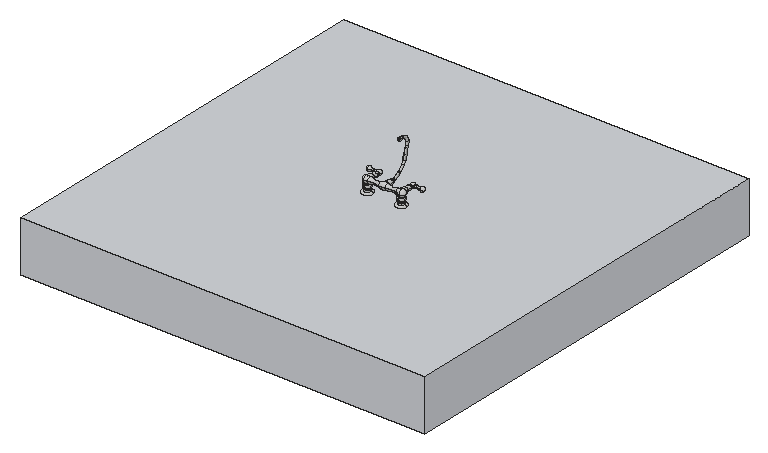
Revit family "Faucet-Two_Handle-American_Standard-Heritage-7298.152.002", category Plumbing Fixtures, host Face, Revit 2019
Family settings
  Host = Face
  Round Connector Dimension = Use Diameter
  Part Type = Normal
  OmniClass Number = 23.45.55.17
  OmniClass Title = Mixing Faucets
  Cut with Voids When Loaded = No
  Shared = Yes
  Room Calculation Point = No
Parameters (values of type "7298.152.002")
  Width = 10 5/8"
  Waste Connection = no
  Warranty Information URL = "https://www.americanstandard-us.com/parts-support/warranty/lifetime-limited-warranty-faucet-function-finish"
  WFU = 2  # constant formula
  Vent Connection = no
  URL = "https://www.americanstandard-us.com/"
  Type Comments = ""
  Solid Brass Construction = yes
  Revised Date = "09/09/2021"  # constant formula
  Product Page URL = "https://www.americanstandard-us.com/Mechanical-Commercial-Fittings/Heritage-Wall-Mount-Faucet-With-8-Inch-Tubular-Brass-Swivel-Spout-With-Lever-Handles/CHROME-7298152002"
  Product Documentation Link = "https://americanstandard.box.com/shared/static/8b5v51clhhwaec9nyirbtr87oqbn31ex.pdf"
  Price = "Prices may vary. Please consult Manufacturer Representative for most up-to-date price list."  # constant formula
  Model = "7298.152"
  Material = "Brass-American_Standard-002-Polished Chrome"
  Manufacturer = "American Standard"
  Low Lead = yes
  Length = 13 5/8"
  Installation Type = "Wall Mounted"
  Hot Water Connection Diameter = 1/2"  # constant formula
  HWFU = 1.5  # constant formula
  HW Connection = yes
  Flow Rate = "1.5gpm/5.7L/min"  # constant formula
  Finish = Brass-American_Standard-002-Polished Chrome
  Description = "Heritage Two Handle Wall Mount Sink Faucet with Brass Spout"
  Default Elevation = 0"
  Creation Date = "03/30/2021"  # constant formula
  Cold Water Connection Diameter = 1/2"  # constant formula
  Ceramic Disc Valve Cartridges = yes
  CWFU = 1.5  # constant formula
  CW Connection = yes
  Assembly Code = "D2020300"
  ASME A112.18.1/CSA B125.1 = yes
  ADA Compliant = yes
Reference planes (in)
  plane 1 "Center (Front/Back)": y = 0
  plane 2: z = 0.125
  plane 3 "Center (Left/Right)": x = 0
  plane 4: x = 4
  plane 5: x = -4
  plane 6: y = 1.3125
  plane 7: y = 3.4375
  plane 8: z = 2.75
  plane 9: x = -6.8125
  plane 10: x = -6.8125
  plane 11: x = 6.8125
  plane 12: y = 7
  plane 13: x = 6.8125
  plane 14: z = 10.75
  plane 15: y = 6.75
  plane 16: y = 4.375
  plane 17: z = 10.75
Forms (in)
  Extrusion 1, solid
    sketch origin (0, 0, 0) x (1, 0, 0) y (0, 1, 0)
      loop
        line (-48, 48) -> (-48, -48) -> (48, -48) -> (48, 48) -> (-48, 48)
    from 0.125 to -12
  Revolve 2, solid, material "Brass-American_Standard-002-Polished Chrome" <- "Finish"
    sketch origin (0, 0, 0) x (1, 0, 0) y (0, 0, 1)
      loop
        line (-4, 2.75) -> (-4.59615, 2.75) -> (-4.59615, 1.99197) -> (-4.69181, 1.99197) -> (-4.8165, 1.86728) -> (-4.8165, 1.36728) -> (-4.69181, 1.24258) -> (-4.51862, 1.24258) -> (-4.51862, 0.89621) -> (-4.62946, 0.89621) -> (-4.62946, 0.72995) -> (-4.69181, 0.72995) -> (-4.69181, 0.39468) -> (-4.85532, 0.39468)
        arc (-4.85532, 0.39468) -> (-5.1344, 0.27908) -> (-5.25, 0) r 0.39468
        line (-5.25, 0) -> (-4, 0) -> (-4, 2.75)
      axis (-4, 2.75) -> (-4, 0)
    angle from 0 to 360
  Revolve 3, solid, material "Brass-American_Standard-002-Polished Chrome" <- "Finish"
    sketch origin (8, 0, 0) x (1, 0, 0) y (0, 0, 1)
      loop
        line (-4, 2.75) -> (-4.59615, 2.75) -> (-4.59615, 1.99197) -> (-4.69181, 1.99197) -> (-4.8165, 1.86728) -> (-4.8165, 1.36728) -> (-4.69181, 1.24258) -> (-4.51862, 1.24258) -> (-4.51862, 0.89621) -> (-4.62946, 0.89621) -> (-4.62946, 0.72995) -> (-4.69181, 0.72995) -> (-4.69181, 0.39468) -> (-4.85532, 0.39468)
        arc (-4.85532, 0.39468) -> (-5.1344, 0.27908) -> (-5.25, 0) r 0.39468
        line (-5.25, 0) -> (-4, 0) -> (-4, 2.75)
      axis (-4, 2.75) -> (-4, 0)
    angle from 0 to 360
  Revolve 4, solid, material "Brass-American_Standard-002-Polished Chrome" <- "Finish"
    sketch origin (0, 10.96339, 2.75) x (0, 1, 0) y (-1, 0, 0)
      loop
        line (-10.96339, -4.99664) -> (-10.96339, 4.99664)
        arc (-10.96339, 4.99664) -> (-11.51344, 4.7688) -> (-11.74127, 4.21875) r 0.77789
        arc (-11.74127, 4.21875) -> (-11.70281, 3.80339) -> (-11.58873, 3.40216) r 2.26189
        arc (-11.58873, 3.40216) -> (-11.33267, 2.08885) -> (-11.54723, 0.76813) r 3.80374
        arc (-11.54723, 0.76813) -> (-11.67823, 0) -> (-11.54723, -0.76813) r 2.31738
        arc (-11.54723, -0.76813) -> (-11.33267, -2.08885) -> (-11.58873, -3.40216) r 3.80374
        arc (-11.58873, -3.40216) -> (-11.70281, -3.80339) -> (-11.74127, -4.21875) r 2.26189
        arc (-11.74127, -4.21875) -> (-11.51344, -4.7688) -> (-10.96339, -4.99664) r 0.77789
      axis (-10.96339, -4.99664) -> (-10.96339, 4.99664)
    angle from 0 to 360
  Revolve 5, solid, material "Brass-American_Standard-002-Polished Chrome" <- "Finish"
    sketch origin (0, 10.96339, 2.75) x (0, 1, 0) y (-1, 0, 0)
      loop
        line (-7.52589, 6.8125) -> (-7.52589, 4.49042)
        arc (-7.52589, 4.49042) -> (-7.28699, 4.52187) -> (-7.25554, 4.76077) r 0.19791
        arc (-7.25554, 4.76077) -> (-7.31072, 4.894) -> (-7.32955, 5.03697) r 0.5524
        arc (-7.32955, 5.03697) -> (-7.25842, 5.66765) -> (-7.04863, 6.26666) r 2.8319
        arc (-7.04863, 6.26666) -> (-7.16336, 6.64791) -> (-7.52589, 6.8125) r 0.48157
      axis (-7.52589, 6.8125) -> (-7.52589, 4.49042)
    angle from 0 to 360
  Revolve 6, solid, material "Brass-American_Standard-002-Polished Chrome" <- "Finish"
    sketch origin (8, 10.96339, 2.75) x (0, 1, 0) y (-1, 0, 0)
      loop
        line (-10.96339, 4) -> (-7.01935, 4)
        arc (-7.01935, 4) -> (-7.37062, 4.47777) -> (-7.92169, 4.25874) r 0.48512
        line (-7.92169, 4.25874) -> (-8.03493, 4.25874)
        arc (-8.03493, 4.25874) -> (-8.30207, 4.46163) -> (-8.63713, 4.47792) r 0.56666
        arc (-8.63713, 4.47792) -> (-9.20888, 4.43075) -> (-9.76376, 4.57649) r 1.69956
        arc (-9.76376, 4.57649) -> (-10.35622, 4.72584) -> (-10.96339, 4.6575) r 1.71102
        line (-10.96339, 4.6575) -> (-10.96339, 4)
      axis (-10.96339, 4) -> (-7.01935, 4)
    angle from 0 to 360
  Revolve 7, solid, material "Brass-American_Standard-002-Polished Chrome" <- "Finish"
    sketch origin (0, 10.96339, 2.75) x (0, 1, 0) y (-1, 0, 0)
      loop
        arc (-7.52589, -6.8125) -> (-7.16336, -6.64791) -> (-7.04863, -6.26666) r 0.48157
        arc (-7.04863, -6.26666) -> (-7.25842, -5.66765) -> (-7.32955, -5.03697) r 2.8319
        arc (-7.32955, -5.03697) -> (-7.31072, -4.894) -> (-7.25554, -4.76077) r 0.5524
        arc (-7.25554, -4.76077) -> (-7.28699, -4.52187) -> (-7.52589, -4.49042) r 0.19791
        line (-7.52589, -4.49042) -> (-7.52589, -6.8125)
      axis (-7.52589, -6.8125) -> (-7.52589, -4.49042)
    angle from 0 to 360
  Revolve 8, solid, material "Brass-American_Standard-002-Polished Chrome" <- "Finish"
    sketch origin (-8, 10.96339, 2.75) x (0, 1, 0) y (-1, 0, 0)
      loop
        line (-10.96339, -4) -> (-10.96339, -4.6575)
        arc (-10.96339, -4.6575) -> (-10.35622, -4.72584) -> (-9.76376, -4.57649) r 1.71102
        arc (-9.76376, -4.57649) -> (-9.20888, -4.43075) -> (-8.63713, -4.47792) r 1.69956
        arc (-8.63713, -4.47792) -> (-8.30207, -4.46163) -> (-8.03493, -4.25874) r 0.56666
        line (-8.03493, -4.25874) -> (-7.92169, -4.25874)
        arc (-7.92169, -4.25874) -> (-7.37062, -4.47777) -> (-7.01935, -4) r 0.48512
        line (-7.01935, -4) -> (-10.96339, -4)
      axis (-10.96339, -4) -> (-7.01935, -4)
    angle from 0 to 360
  Sweep 9, solid, material "Brass-American_Standard-002-Polished Chrome" <- "Finish"
    path origin (0, 0, 0) x (0, 1, 0) y (0, 0, 1)
      loop
        line (1.95989, 2.75) -> (2.83279, 2.75) -> (4.20803, 3.59877)
        arc (4.20803, 3.59877) -> (4.36792, 3.71078) -> (4.51374, 3.84057) r 1.68068
        line (4.51374, 3.84057) -> (5.4605, 4.78732)
        arc (5.4605, 4.78732) -> (5.48446, 4.81247) -> (5.50718, 4.83875) r 0.71799
        arc (5.50718, 4.83875) -> (5.81339, 5.29397) -> (6.02662, 5.79945) r 2.84766
        arc (6.02662, 5.79945) -> (6.40902, 7.19251) -> (6.69358, 8.60879) r 20.75383
        arc (6.69358, 8.60879) -> (6.73849, 9.04826) -> (6.72901, 9.48992) r 3.5854
        arc (6.72901, 9.48992) -> (6.72345, 9.53731) -> (6.71469, 9.5842) r 0.70606
        arc (6.71469, 9.5842) -> (6.19331, 10.42251) -> (5.26199, 10.75) r 1.48801
        line (5.26199, 10.75) -> (4.375, 10.75)
    profile origin (0, 2.39634, 2.75) x (0, 0, 1) y (1, 0, 0)
      loop
        circle (0, 0) r 0.25
  Revolve 10, solid, material "Brass-American_Standard-002-Polished Chrome" <- "Finish"
    sketch origin (0, 10.96339, 2.75) x (0, 1, 0) y (-1, 0, 0)
      loop
        line (-10.68214, 0) -> (-10.68214, -0.57106)
        arc (-10.68214, -0.57106) -> (-10.36882, -0.5382) -> (-10.05413, -0.52357) r 5.42692
        line (-10.05413, -0.52357) -> (-10.05413, -0.57983) -> (-9.0035, -0.43218) -> (-9.0035, 0) -> (-10.68214, 0)
      loop
        line (-8.48911, 0) -> (-8.99348, 0) -> (-8.99348, -0.43077) -> (-8.60641, -0.39057)
        arc (-8.60641, -0.39057) -> (-8.52304, -0.35144) -> (-8.48911, -0.26581) r 0.125
        line (-8.48911, -0.26581) -> (-8.48911, 0)
      axis (-8.48911, 0) -> (-10.68214, 0)
    angle from 0 to 360
  Revolve 11, solid, material "Brass-American_Standard-002-Polished Chrome" <- "Finish"
    sketch origin (0, 0, 0) x (0, 1, 0) y (0, 0, 1)
      loop
        line (4.375, 10.92452) -> (5.09898, 10.92452)
        arc (5.09898, 10.92452) -> (5.05526, 11.03798) -> (4.9433, 11.08544) r 0.15577
        line (4.9433, 11.08544) -> (4.375, 11.08544) -> (4.375, 10.92452)
      axis (4.375, 10.75) -> (5.09898, 10.75)
    angle from 0 to 360
Lines and regions (in)
  Masking region 1
    outline origin (0, 0, 0) x (1, 0, 0) y (0, 0, 1)
      loop
        line (4.69181, 0.39468) -> (4.69181, 0.72995) -> (4.62946, 0.72995) -> (4.62946, 0.89621) -> (4.51862, 0.89621) -> (4.51862, 1.24258) -> (4.69181, 1.24258) -> (4.8165, 1.36728) -> (4.8165, 1.86728) -> (4.69181, 1.99197) -> (4.59615, 1.99197) -> (4.59615, 2.0698)
        arc (4.59615, 2.0698) -> (4.83134, 2.27153) -> (4.97018, 2.54854) r 0.78515
        arc (4.97018, 2.54854) -> (5.63486, 2.48791) -> (6.26666, 2.27274) r 2.81954
        arc (6.26666, 2.27274) -> (6.64649, 2.3891) -> (6.8125, 2.75) r 0.48581
        arc (6.8125, 2.75) -> (6.64649, 3.1109) -> (6.26666, 3.22726) r 0.48581
        arc (6.26666, 3.22726) -> (5.63486, 3.01209) -> (4.97018, 2.95146) r 2.81954
        arc (4.97018, 2.95146) -> (4.70622, 3.35569) -> (4.25566, 3.52906) r 0.78515
        arc (4.25566, 3.52906) -> (3.86911, 3.50928) -> (3.49538, 3.40864) r 1.83002
        arc (3.49538, 3.40864) -> (2.66715, 3.18083) -> (1.8101, 3.12304) r 4.27858
        arc (1.8101, 3.12304) -> (1.3117, 3.17941) -> (0.82848, 3.31385) r 3.16279
        arc (0.82848, 3.31385) -> (0.54276, 3.39868) -> (0.24873, 3.44743) r 2.39952
        line (0.24873, 3.44743) -> (0.24873, 10.52493)
        arc (0.24873, 10.52493) -> (0.00191, 11.08544) -> (-0.25127, 10.52777) r 0.33544
        line (-0.25127, 10.52777) -> (-0.25127, 3.44717)
        arc (-0.25127, 3.44717) -> (-0.54401, 3.39839) -> (-0.82848, 3.31385) r 2.39952
        arc (-0.82848, 3.31385) -> (-1.3117, 3.17941) -> (-1.8101, 3.12304) r 3.16279
        arc (-1.8101, 3.12304) -> (-2.66715, 3.18083) -> (-3.49538, 3.40864) r 4.27858
        arc (-3.49538, 3.40864) -> (-3.86911, 3.50928) -> (-4.25566, 3.52906) r 1.83002
        arc (-4.25566, 3.52906) -> (-4.70622, 3.35569) -> (-4.97018, 2.95146) r 0.78515
        arc (-4.97018, 2.95146) -> (-5.63486, 3.01209) -> (-6.26666, 3.22726) r 2.81954
        arc (-6.26666, 3.22726) -> (-6.64649, 3.1109) -> (-6.8125, 2.75) r 0.48581
        arc (-6.8125, 2.75) -> (-6.64649, 2.3891) -> (-6.26666, 2.27274) r 0.48581
        arc (-6.26666, 2.27274) -> (-5.63486, 2.48791) -> (-4.97018, 2.54854) r 2.81954
        arc (-4.97018, 2.54854) -> (-4.83134, 2.27153) -> (-4.59615, 2.0698) r 0.78515
        line (-4.59615, 2.0698) -> (-4.59615, 1.99197) -> (-4.69181, 1.99197) -> (-4.8165, 1.86728) -> (-4.8165, 1.36728) -> (-4.69181, 1.24258) -> (-4.51862, 1.24258) -> (-4.51862, 0.89621) -> (-4.62946, 0.89621) -> (-4.62946, 0.72995) -> (-4.69181, 0.72995) -> (-4.69181, 0.39468) -> (-4.85532, 0.39468)
        arc (-4.85532, 0.39468) -> (-5.1344, 0.27908) -> (-5.25, 0) r 0.39468
        line (-5.25, 0) -> (-2.75, 0)
        arc (-2.75, 0) -> (-2.8656, 0.27908) -> (-3.14468, 0.39468) r 0.39468
        line (-3.14468, 0.39468) -> (-3.30819, 0.39468) -> (-3.30819, 0.72995) -> (-3.37054, 0.72995) -> (-3.37054, 0.89621) -> (-3.48138, 0.89621) -> (-3.48138, 1.24258) -> (-3.30819, 1.24258) -> (-3.1835, 1.36728) -> (-3.1835, 1.86728) -> (-3.30819, 1.99197) -> (-3.40385, 1.99197) -> (-3.40385, 2.12556)
        arc (-3.40385, 2.12556) -> (-2.61893, 2.32706) -> (-1.8101, 2.37696) r 4.27858
        arc (-1.8101, 2.37696) -> (-1.3117, 2.32059) -> (-0.82848, 2.18615) r 3.16279
        arc (-0.82848, 2.18615) -> (-0.42069, 2.07652) -> (0, 2.04006) r 2.39952
        arc (0, 2.04006) -> (0.42069, 2.07652) -> (0.82848, 2.18615) r 2.39952
        arc (0.82848, 2.18615) -> (1.3117, 2.32059) -> (1.8101, 2.37696) r 3.16279
        arc (1.8101, 2.37696) -> (2.61893, 2.32706) -> (3.40385, 2.12556) r 4.27858
        line (3.40385, 2.12556) -> (3.40385, 1.99197) -> (3.30819, 1.99197) -> (3.1835, 1.86728) -> (3.1835, 1.36728) -> (3.30819, 1.24258) -> (3.48138, 1.24258) -> (3.48138, 0.89621) -> (3.37054, 0.89621) -> (3.37054, 0.72995) -> (3.30819, 0.72995) -> (3.30819, 0.39468) -> (3.14468, 0.39468)
        arc (3.14468, 0.39468) -> (2.8656, 0.27908) -> (2.75, 0) r 0.39468
        line (2.75, 0) -> (5.25, 0)
        arc (5.25, 0) -> (5.1344, 0.27908) -> (4.85532, 0.39468) r 0.39468
        line (4.85532, 0.39468) -> (4.69181, 0.39468)
  symbolic lines, detail levels medium+fine
    curve 1: circle (4, 0, 2.75) r 0.5 normal (0, -1, 0)
    curve 6: circle (-4, 0, 2.75) r 0.5 normal (0, 1, 0)
    curve 27: arc (-0.25127, 0, 10.74957) -> (-0.00085, 0, 11) -> (0.24958, 0, 10.74957) r 0.25042
    curve 28: line (0.24958, 0, 10.52587) -> (0.24958, 0, 10.74957)
    curve 29: line (-0.25127, 0, 10.74957) -> (-0.25127, 0, 10.52777)
    curve 33: arc (-0.25127, 0, 3.27256) -> (0.00141, 0, 2.17017) -> (0.24873, 0, 3.27377) r 0.57983
  symbolic lines, style "PlumbingFixtures", detail levels medium+fine
    curve 2: arc (4.97005, 0, 2.95051) -> (4.8623, 0, 2.97495) -> (4.76158, 0, 3.02035) r 0.5524
    curve 3: arc (4.76158, 0, 3.02035) -> (4.58627, 0, 3.03154) -> (4.47111, 0, 2.89888) r 0.19791
    curve 4: arc (4.96074, 0, 2.54826) -> (4.85786, 0, 2.52354) -> (4.76158, 0, 2.47965) r 0.5524
    curve 5: arc (4.76158, 0, 2.47965) -> (4.58659, 0, 2.46832) -> (4.47129, 0, 2.60045) r 0.19791
    curve 7: arc (-4.97005, 0, 2.95051) -> (-4.8623, 0, 2.97495) -> (-4.76158, 0, 3.02035) r 0.5524
    curve 8: arc (-4.76158, 0, 3.02035) -> (-4.58627, 0, 3.03154) -> (-4.47111, 0, 2.89888) r 0.19791
    curve 9: arc (-4.96074, 0, 2.54826) -> (-4.85786, 0, 2.52354) -> (-4.76158, 0, 2.47965) r 0.5524
    curve 10: arc (-4.76158, 0, 2.47965) -> (-4.58659, 0, 2.46832) -> (-4.47129, 0, 2.60045) r 0.19791
  symbolic lines, detail levels fine
    curve 11: arc (4.67278, 0, 3.0466) -> (3.26474, 0, 2.75) -> (4.67278, 0, 2.4534) r 0.73526
    curve 12: arc (-4.67278, 0, 3.0466) -> (-3.26474, 0, 2.75) -> (-4.67278, 0, 2.4534) r 0.73526
    curve 13: line (3.30819, 0, 0.39468) -> (4.69181, 0, 0.39468)
    curve 14: line (3.37054, 0, 0.72995) -> (4.62946, 0, 0.72995)
    curve 15: line (3.48138, 0, 0.89621) -> (4.51862, 0, 0.89621)
    curve 16: line (3.48138, 0, 1.24258) -> (4.51862, 0, 1.24258)
    curve 17: line (4.8165, 0, 1.36728) -> (3.1835, 0, 1.36728)
    curve 18: line (4.8165, 0, 1.86728) -> (3.1835, 0, 1.86728)
    curve 20: line (-4.69181, 0, 0.39468) -> (-3.30819, 0, 0.39468)
    curve 21: line (-4.62946, 0, 0.72995) -> (-3.37054, 0, 0.72995)
    curve 22: line (-4.51862, 0, 0.89621) -> (-3.48138, 0, 0.89621)
    curve 23: line (-4.51862, 0, 1.24258) -> (-3.48138, 0, 1.24258)
    curve 24: line (-3.1835, 0, 1.36728) -> (-4.8165, 0, 1.36728)
    curve 25: line (-3.1835, 0, 1.86728) -> (-4.8165, 0, 1.86728)
    curve 34: arc (-0.25127, 0, 3.04901) -> (0.00166, 0, 2.35943) -> (0.24873, 0, 3.05114) r 0.39057
    curve 35: arc (-0.25127, 0, 3.10162) -> (0.00156, 0, 2.31783) -> (0.24873, 0, 3.10343) r 0.43218
  symbolic lines
    curve 19: line (3.40385, 0, 1.99197) -> (4.59615, 0, 1.99197)
    curve 26: line (-4.59615, 0, 1.99197) -> (-3.40385, 0, 1.99197)
    curve 30: line (0.24873, 0, 3.44743) -> (0.24873, 0, 2.77524)
    curve 31: line (-0.25127, 0, 3.44717) -> (-0.25127, 0, 2.75)
    curve 32: arc (0.24873, 0, 2.77524) -> (0.012, 0, 2.49968) -> (-0.25127, 0, 2.75) r 0.25064
Dimensions and locks (in)
  equal spacing: plane 5, plane 3 "Center (Left/Right)", plane 4
  plane 5 to plane 4 = 8"  (x2)
  plane 1 "Center (Front/Back)" to plane 6 = 1 5/16"
  plane 1 "Center (Front/Back)" to plane 7 = 3 7/16"
  plane 8 to level = 2 3/4"
  plane 9 to plane 5 = 2 13/16"
  plane 10 to plane 5 = 2 13/16"  (x2)
  plane 6 to plane 1 "Center (Front/Back)" = 1 5/16"  (x2)
  plane 12 to plane 1 "Center (Front/Back)" = 7"  (x2)
  plane 7 to plane 1 "Center (Front/Back)" = 3 7/16"  (x2)
  "Length": plane 10 to plane 13
  plane 14 to plane 8 = 8"
  plane 12 to plane 15 = 1/4"
  "Width": Extrusion 1 to plane 14
  plane 16 to plane 1 "Center (Front/Back)" = 4 3/8"
  Revolve 11 sketch curve to Revolve 11 sketch curve = 0.33544"
  aligned and locked: plane 2 to Extrusion 1
  aligned and locked: Revolve 2 sketch curve to level
  aligned and locked: plane 5 to Revolve 2 sketch curve
  aligned and locked: Revolve 2 sketch curve to plane 5
  aligned and locked: Revolve 3 sketch curve to level
  aligned and locked: Revolve 3 sketch curve to plane 4  (x2)
  aligned and locked: Revolve 4 sketch curve to plane 1 "Center (Front/Back)"  (x2)
  aligned and locked: Revolve 6 sketch curve to plane 1 "Center (Front/Back)"
  aligned and locked: plane 4 to Revolve 6 sketch curve
  aligned and locked: Revolve 6 sketch curve to plane 4
  aligned and locked: plane 7 to Revolve 7 sketch curve  (x2)
  aligned and locked: Revolve 8 sketch curve to plane 5  (x2)
  aligned and locked: plane 1 "Center (Front/Back)" to Revolve 8 sketch curve
  aligned and locked: Revolve 5 sketch curve to plane 7  (x2)
  aligned and locked: plane 8 to Sweep 9 sketch curve
  aligned and locked: plane 3 "Center (Left/Right)" to Revolve 10 sketch curve
  aligned and locked: Revolve 10 sketch curve to plane 3 "Center (Left/Right)"
  aligned and locked: profile plane to Sweep 9 sketch curve  (x2)
  aligned and locked: plane 14 to Revolve 11 sketch curve
  aligned and locked: Revolve 11 sketch curve to plane 16
Automatic sketch dimensions
  Extrusion 1 sketch curve to Extrusion 1 sketch curve = 96"  (x2)
  Revolve 2 sketch curve to plane 8 = 0"
  Revolve 2 sketch curve to plane 5 = 0.51862"
  Revolve 2 sketch curve to Revolve 2 sketch curve = 0.59615"
  Revolve 2 sketch curve to Revolve 2 sketch curve = 0.11084"
  Revolve 2 sketch curve to Revolve 2 sketch curve = 0.06235"
  Revolve 2 sketch curve to Revolve 2 sketch curve = 0.09566"
  Revolve 2 sketch curve to Revolve 2 sketch curve = 0.17319"
  Revolve 2 sketch curve to Revolve 2 sketch curve = 0.12469"  (x3)
  Revolve 2 sketch curve to Revolve 2 sketch curve = 0.16351"
  Revolve 2 sketch curve to Revolve 2 sketch curve = 0.39468"
  Revolve 2 sketch curve to Revolve 2 sketch curve = 0.33527"
  Revolve 2 sketch curve to Revolve 2 sketch curve = 0.16626"
  Revolve 2 sketch curve to Revolve 2 sketch curve = 0.34637"
  Revolve 2 sketch curve to Revolve 2 sketch curve = 1/2"
  Revolve 2 sketch curve to level = 18.99285"
  Revolve 2 sketch curve to Revolve 2 sketch curve = 42.07898"
  Revolve 3 sketch curve to plane 8 = 0"
  plane 4 to Revolve 3 sketch curve = 0.51862"
  plane 4 to Revolve 3 sketch curve = 0.59615"
  Revolve 3 sketch curve to Revolve 3 sketch curve = 0.11084"
  Revolve 3 sketch curve to Revolve 3 sketch curve = 0.06235"
  Revolve 3 sketch curve to Revolve 3 sketch curve = 0.09566"
  Revolve 3 sketch curve to Revolve 3 sketch curve = 0.17319"
  Revolve 3 sketch curve to Revolve 3 sketch curve = 0.12469"  (x3)
  Revolve 3 sketch curve to Revolve 3 sketch curve = 0.16351"
  Revolve 3 sketch curve to Revolve 3 sketch curve = 0.39468"
  Revolve 3 sketch curve to Revolve 3 sketch curve = 0.33527"
  Revolve 3 sketch curve to Revolve 3 sketch curve = 0.16626"
  Revolve 3 sketch curve to Revolve 3 sketch curve = 0.34637"
  Revolve 3 sketch curve to Revolve 3 sketch curve = 1/2"
  Revolve 3 sketch curve to level = 18.99285"
  Revolve 3 sketch curve to Revolve 3 sketch curve = 42.07898"
  Revolve 4 sketch curve to plane 3 "Center (Left/Right)" = 0"
  plane 5 to Revolve 4 sketch curve = 1.97107"
  plane 1 "Center (Front/Back)" to Revolve 4 sketch curve = 4.17254"
  plane 4 to Revolve 4 sketch curve = 1.97107"
  Revolve 4 sketch curve to Revolve 4 sketch curve = 0"  (x4)
  plane 6 to Revolve 4 sketch curve = 0.1715"  (x2)
  plane 6 to Revolve 4 sketch curve = 0.29004"
  Revolve 4 sketch curve to plane 4 = 7/32"
  Revolve 4 sketch curve to Revolve 4 sketch curve = 0.77789"  (x2)
  Revolve 4 sketch curve to plane 5 = 7/32"
  plane 1 "Center (Front/Back)" to Revolve 4 sketch curve = 0.58384"  (x2)
  Revolve 4 sketch curve to Revolve 4 sketch curve = 0.31895"
  plane 10 to Revolve 4 sketch curve = 0.75217"
  Revolve 5 sketch curve to plane 9 = 0"
  plane 7 to Revolve 5 sketch curve = 0.09896"
  plane 7 to Revolve 5 sketch curve = 0.74874"
  Revolve 5 sketch curve to Revolve 5 sketch curve = 2.2795"
  plane 9 to Revolve 5 sketch curve = 0.48157"
  Revolve 5 sketch curve to plane 5 = 1.03697"
  Revolve 5 sketch curve to Revolve 5 sketch curve = 0.37516"
  Revolve 5 sketch curve to Revolve 5 sketch curve = 0.1714"
  plane 7 to Revolve 5 sketch curve = 0.19634"
  Revolve 5 sketch curve to Revolve 5 sketch curve = 0"
  Revolve 5 sketch curve to plane 4 = 21.25386"
  Revolve 5 sketch curve to Revolve 5 sketch curve = 12.27571"
  Revolve 6 sketch curve to plane 1 "Center (Front/Back)" = 0.49189"
  plane 6 to Revolve 6 sketch curve = 0.59014"
  Revolve 6 sketch curve to plane 4 = 0.07085"
  Revolve 6 sketch curve to plane 7 = 0.96999"
  Revolve 6 sketch curve to plane 7 = 0.50905"
  Revolve 6 sketch curve to Revolve 6 sketch curve = 0.11324"
  plane 4 to Revolve 6 sketch curve = 0.01144"
  plane 7 to Revolve 6 sketch curve = 0.02155"
  Revolve 6 sketch curve to Revolve 6 sketch curve = 0.48499"
  Revolve 6 sketch curve to plane 4 = 0.98129"
  Revolve 6 sketch curve to Revolve 6 sketch curve = 0.6575"
  plane 3 "Center (Left/Right)" to Revolve 6 sketch curve = 1.87616"
  Revolve 6 sketch curve to Revolve 6 sketch curve = 100.58824"
  Revolve 6 sketch curve to Revolve 6 sketch curve = 0"
  Revolve 6 sketch curve to Revolve 6 sketch curve = 78.6311"
  Revolve 7 sketch curve to plane 11 = 0"
  plane 7 to Revolve 7 sketch curve = 0.09896"
  plane 7 to Revolve 7 sketch curve = 0.74874"
  Revolve 7 sketch curve to Revolve 7 sketch curve = 2.2795"
  plane 11 to Revolve 7 sketch curve = 0.48157"
  Revolve 7 sketch curve to plane 4 = 1.03697"
  Revolve 7 sketch curve to Revolve 7 sketch curve = 0.37516"
  Revolve 7 sketch curve to Revolve 7 sketch curve = 0.1714"
  plane 7 to Revolve 7 sketch curve = 0.19634"
  Revolve 7 sketch curve to Revolve 7 sketch curve = 0"
  Revolve 7 sketch curve to Revolve 7 sketch curve = 12.27571"
  Revolve 7 sketch curve to plane 10 = 18.44136"
  Revolve 8 sketch curve to plane 1 "Center (Front/Back)" = 0.49189"
  plane 6 to Revolve 8 sketch curve = 0.59014"
  Revolve 8 sketch curve to plane 5 = 0.07085"
  Revolve 8 sketch curve to plane 7 = 0.96999"
  Revolve 8 sketch curve to plane 7 = 0.50905"
  Revolve 8 sketch curve to Revolve 8 sketch curve = 0.11324"
  plane 5 to Revolve 8 sketch curve = 0.01144"
  plane 7 to Revolve 8 sketch curve = 0.02155"
  Revolve 8 sketch curve to Revolve 8 sketch curve = 0.48499"
  Revolve 8 sketch curve to Revolve 8 sketch curve = 0.6575"
  Revolve 8 sketch curve to plane 3 "Center (Left/Right)" = 1.87616"
  Revolve 8 sketch curve to plane 5 = 0.98129"
  Revolve 8 sketch curve to Revolve 8 sketch curve = 100.58824"
  Revolve 8 sketch curve to Revolve 8 sketch curve = 0"
  Revolve 8 sketch curve to Revolve 8 sketch curve = 78.6311"
  Revolve 10 sketch curve to plane 3 "Center (Left/Right)" = 0"
  Revolve 10 sketch curve to plane 1 "Center (Front/Back)" = 9/32"
  Revolve 10 sketch curve to plane 6 = 0.30879"
  plane 6 to Revolve 10 sketch curve = 0.64739"
  Revolve 10 sketch curve to Revolve 10 sketch curve = 0.01003"
  Revolve 10 sketch curve to Revolve 10 sketch curve = 0.37937"
  plane 3 "Center (Left/Right)" to Revolve 10 sketch curve = 0.39057"
  Revolve 10 sketch curve to Revolve 10 sketch curve = 0.0077"
  Revolve 10 sketch curve to Revolve 10 sketch curve = 1/8"
  Revolve 10 sketch curve to Revolve 10 sketch curve = 0.04019"
  Revolve 10 sketch curve to Revolve 10 sketch curve = 0.00141"
  Revolve 10 sketch curve to Revolve 10 sketch curve = 0.57106"
  Revolve 10 sketch curve to plane 4 = 1.94967"
  Revolve 10 sketch curve to plane 6 = 0.40324"
  Revolve 10 sketch curve to plane 7 = 7/16"
  Revolve 10 sketch curve to Revolve 10 sketch curve = 0.05626"
  Revolve 11 sketch curve to Revolve 11 sketch curve = 0.15568"
  Revolve 11 sketch curve to Revolve 11 sketch curve = 0.00516"
  Revolve 11 sketch curve to Revolve 11 sketch curve = 0.42653"
  curve 1 to curve 11 = 0"  (x2)
  curve 6 to curve 12 = 0"  (x2)
  curve 12 to plane 5 = 0"
  plane 4 to curve 11 = 0"
  curve 12 to plane 8 = 0"
  curve 1 to plane 8 = 0"
  plane 8 to curve 8 = 0.09896"
  curve 8 to plane 5 = 0.66262"
  curve 10 to plane 8 = 0.09896"
  curve 8 to curve 10 = 0"
  curve 7 to curve 8 = 0.37516"
  curve 9 to curve 10 = 0.37516"
  plane 8 to curve 3 = 0.09896"
  curve 3 to plane 4 = 0.66262"
  curve 5 to plane 8 = 0.09896"
  curve 3 to curve 5 = 0"
  curve 5 to curve 4 = 0.37516"
  curve 3 to curve 2 = 0.37516"
  curve 9 to plane 8 = 0.74874"
  curve 4 to plane 8 = 0.74874"
  plane 8 to curve 2 = 0.74874"
  plane 8 to curve 7 = 0.74874"
  curve 8 to curve 8 = 0.19151"
  curve 10 to curve 10 = 0.19133"
  curve 23 to plane 5 = 0.51862"
  curve 23 to curve 22 = 0"  (x2)
  curve 9 to curve 26 = 0.44163"
  curve 21 to curve 22 = 0.11084"
  curve 12 to curve 10 = 0.01015"
  curve 12 to curve 8 = 0.01015"
  curve 20 to curve 21 = 0.06235"
  curve 9 to curve 12 = 0.0888"
  curve 7 to curve 12 = 0.0888"
  curve 8 to curve 7 = 0"
  curve 24 to curve 23 = 0.29788"
  curve 25 to curve 26 = 0.22035"
  curve 9 to plane 8 = 0.20174"
  plane 8 to curve 7 = 0.20051"
  plane 5 to curve 23 = 0.51862"
  plane 5 to curve 26 = 0.59615"
  curve 22 to curve 21 = 0.11084"
  curve 21 to curve 20 = 0.06235"
  curve 26 to curve 25 = 0.22035"
  curve 23 to curve 24 = 0.29788"
  plane 4 to curve 17 = 0.8165"
  curve 18 to curve 17 = 0"
  plane 4 to curve 13 = 0.69181"
  curve 13 to curve 14 = 0.06235"
  curve 18 to curve 19 = 0.22035"
  curve 14 to curve 15 = 0.11084"
  curve 17 to curve 16 = 0.29788"
  curve 3 to curve 3 = 0.19151"
  curve 5 to curve 5 = 0.19133"
  curve 16 to plane 4 = 0.51862"
  curve 16 to curve 15 = 0"
  curve 19 to curve 4 = 0.44163"
  curve 15 to curve 14 = 0.11084"
  curve 3 to curve 11 = 0.01015"
  curve 5 to curve 11 = 0.01015"
  curve 14 to curve 13 = 0.06235"
  curve 11 to curve 4 = 0.0888"
  curve 5 to curve 4 = 0"
  curve 2 to curve 3 = 0"
  curve 16 to curve 17 = 0.29788"
  curve 19 to curve 18 = 0.22035"
  curve 4 to plane 8 = 0.20174"
  plane 8 to curve 2 = 0.20051"
  curve 19 to curve 4 = 0.00928"
  curve 26 to curve 9 = 0.00928"
  curve 18 to curve 19 = 0.12469"
  curve 25 to curve 26 = 0.12469"
  curve 17 to curve 18 = 1/2"
  curve 24 to curve 25 = 1/2"
  curve 16 to curve 17 = 0.12469"
  curve 23 to curve 24 = 0.12469"
  curve 22 to curve 23 = 0.34637"
  curve 15 to curve 16 = 0.34637"
  curve 21 to curve 22 = 0.16626"
  curve 14 to curve 15 = 0.16626"
  curve 13 to curve 14 = 0.33527"
  curve 20 to curve 21 = 0.33527"
  Masking region 1 sketch curve to plane 8 = 0"  (x2)
  Masking region 1 sketch curve to plane 10 = 0"
  Masking region 1 sketch curve to level = 0"  (x2)
  Masking region 1 sketch curve to plane 3 "Center (Left/Right)" = 0"  (x2)
  plane 13 to Masking region 1 sketch curve = 0"
  Masking region 1 sketch curve to plane 14 = 0"
  Masking region 1 sketch curve to plane 8 = 0.00482"  (x2)
  plane 10 to Masking region 1 sketch curve = 0.48578"
  Masking region 1 sketch curve to Masking region 1 sketch curve = 0"  (x16)
  Masking region 1 sketch curve to plane 5 = 1 1/4"
  Masking region 1 sketch curve to Masking region 1 sketch curve = 0.20181"  (x2)
  Masking region 1 sketch curve to plane 5 = 1.04819"
  Masking region 1 sketch curve to Masking region 1 sketch curve = 0.19288"  (x2)
  Masking region 1 sketch curve to plane 5 = 0.8165"
  Masking region 1 sketch curve to Masking region 1 sketch curve = 0.12469"  (x14)
  Masking region 1 sketch curve to Masking region 1 sketch curve = 0.16351"  (x4)
  Masking region 1 sketch curve to Masking region 1 sketch curve = 0.06235"  (x4)
  Masking region 1 sketch curve to Masking region 1 sketch curve = 0.09566"  (x4)
  Masking region 1 sketch curve to Masking region 1 sketch curve = 0.11084"  (x3)
  plane 8 to Masking region 1 sketch curve = 0.00491"  (x2)
  Masking region 1 sketch curve to plane 5 = 0.21264"
  Masking region 1 sketch curve to plane 5 = 0.15539"
  plane 5 to Masking region 1 sketch curve = 0.51862"
  plane 5 to Masking region 1 sketch curve = 0.59615"
  Masking region 1 sketch curve to Masking region 1 sketch curve = 0.17319"  (x3)
  Masking region 1 sketch curve to Masking region 1 sketch curve = 0.39468"  (x2)
  Masking region 1 sketch curve to plane 3 "Center (Left/Right)" = 1.95226"  (x2)
  Masking region 1 sketch curve to Masking region 1 sketch curve = 0.03707"  (x4)
  Masking region 1 sketch curve to level = 0.78409"  (x2)
  Masking region 1 sketch curve to plane 3 "Center (Left/Right)" = 0.00402"  (x2)
  plane 3 "Center (Left/Right)" to Masking region 1 sketch curve = 0.00402"  (x2)
  plane 3 "Center (Left/Right)" to Masking region 1 sketch curve = 0.24873"
  plane 3 "Center (Left/Right)" to Masking region 1 sketch curve = 1.91519"  (x2)
  Masking region 1 sketch curve to Masking region 1 sketch curve = 0.83481"
  plane 4 to Masking region 1 sketch curve = 0.8165"
  Masking region 1 sketch curve to plane 4 = 0.15539"
  Masking region 1 sketch curve to plane 8 = 0.00491"  (x2)
  Masking region 1 sketch curve to plane 4 = 0.21264"
  Masking region 1 sketch curve to plane 4 = 0.51862"
  Masking region 1 sketch curve to Masking region 1 sketch curve = 0.44076"
  Masking region 1 sketch curve to plane 4 = 1.04819"
  plane 8 to Masking region 1 sketch curve = 0.00482"  (x2)
  plane 13 to Masking region 1 sketch curve = 0.48578"
  Masking region 1 sketch curve to Masking region 1 sketch curve = 1.11517"  (x4)
  Masking region 1 sketch curve to level = 0.26993"  (x2)
  Masking region 1 sketch curve to Masking region 1 sketch curve = 0.33527"  (x4)
  Masking region 1 sketch curve to Masking region 1 sketch curve = 0.16626"  (x4)
  level to Masking region 1 sketch curve = 1.06042"
  Masking region 1 sketch curve to Masking region 1 sketch curve = 0.34637"  (x4)
  Masking region 1 sketch curve to Masking region 1 sketch curve = 0.45921"  (x2)
  Masking region 1 sketch curve to Masking region 1 sketch curve = 1/2"  (x4)
  Masking region 1 sketch curve to Masking region 1 sketch curve = 0.07783"  (x2)
  Masking region 1 sketch curve to Masking region 1 sketch curve = 0.13358"  (x2)
  plane 8 to Masking region 1 sketch curve = 0.69717"
  Masking region 1 sketch curve to Masking region 1 sketch curve = 0.00026"
  Masking region 1 sketch curve to Masking region 1 sketch curve = 0.99242"
  plane 8 to Masking region 1 sketch curve = 3.01993"  (x2)
  Masking region 1 sketch curve to Masking region 1 sketch curve = 1.84451"  (x2)
  Masking region 1 sketch curve to Masking region 1 sketch curve = 0.06006"  (x2)
  plane 8 to Masking region 1 sketch curve = 0.20146"  (x2)
  Masking region 1 sketch curve to plane 8 = 0.20146"
  Masking region 1 sketch curve to plane 14 = 0.22223"
  Masking region 1 sketch curve to plane 14 = 0.22507"
  curve 33 to curve 34 = 0"  (x2)
  curve 33 to curve 35 = 0"  (x2)
  curve 34 to curve 35 = 0"  (x2)
  curve 31 to plane 8 = 0"
  curve 35 to plane 3 "Center (Left/Right)" = 0"
  curve 35 to plane 8 = 0"
  curve 32 to curve 34 = 0.00064"
  curve 27 to plane 14 = 0.00043"
  curve 27 to plane 3 "Center (Left/Right)" = 0.00085"
  curve 29 to curve 27 = 0.25042"
  curve 31 to curve 32 = 0.25064"
  plane 8 to curve 30 = 0.02524"
  plane 8 to curve 34 = 0.29901"
  curve 34 to curve 35 = 0.05261"
  curve 35 to curve 33 = 0.17094"
  curve 33 to curve 31 = 0.17461"
  curve 33 to curve 30 = 0.17365"
  curve 28 to curve 27 = 0.22371"
  curve 29 to curve 29 = 0.2218"
  plane 16 to Revolve 10 sketch curve = 1/8"
  Revolve 11 sketch curve to plane 16 = 0.5683"
  Revolve 11 sketch curve to plane 16 = 0.04187"
  Sweep 9 sketch curve to plane 14 = 0"
  Sweep 9 sketch curve to plane 16 = 0"
  plane 16 to Sweep 9 sketch curve = 0.16697"
  Sweep 9 sketch curve to plane 7 = 0.11218"
  Sweep 9 sketch curve to plane 7 = 0.12906"
  Sweep 9 sketch curve to plane 7 = 0.28152"
  Sweep 9 sketch curve to plane 7 = 0.60471"
  plane 14 to Sweep 9 sketch curve = 1.23641"
  plane 1 "Center (Front/Back)" to Sweep 9 sketch curve = 13.78355"
  Sweep 9 sketch curve to plane 16 = 0.13874"
  Sweep 9 sketch curve to plane 16 = 0.5778"
  Sweep 9 sketch curve to plane 16 = 0.88699"
  Sweep 9 sketch curve to Sweep 9 sketch curve = 0.5077"  (x2)
  Sweep 9 sketch curve to plane 15 = 0.72461"
  plane 8 to Sweep 9 sketch curve = 0.84877"
  Sweep 9 sketch curve to Sweep 9 sketch curve = 0.2418"
  Sweep 9 sketch curve to Sweep 9 sketch curve = 0.94675"
  Sweep 9 sketch curve to Sweep 9 sketch curve = 1.61939"
  Sweep 9 sketch curve to plane 14 = 1.5577"
  Sweep 9 sketch curve to plane 14 = 1.48801"
  Sweep 9 sketch curve to Sweep 9 sketch curve = 0.16932"
  plane 6 to Sweep 9 sketch curve = 0.64739"
  Sweep 9 sketch curve to Sweep 9 sketch curve = 0"  (x4)
  radius of Sweep 9 sketch curve = 1/4"
  radius of curve 1 = 1/2"
  radius of curve 6 = 1/2"
Connectors (in)
  piping at (-4, 0, 0), diameter 0.5, driven by "Hot Water Connection Diameter", driven by "HWFU"
    settings: on Revolve 2, index 1, connector inside diameter 24", connector length 0", flow factor 0, pipe flow 0 GPM, pressure drop 0.00 psi, fitting loss kfactor 0, connector angle 0.00°, fixture units 1.5, engagement length 0", angle of deflection 0.00°, flow configuration 3, flow direction 1, fitting loss method 0, system type 19, joint type 0, gender type 0, connector reference index -1, connector utility 0, adjustable connector no, is connector primary yes, connector description "1/2\" NPT (Female) HW Supply Inlet Connection"
  piping at (4, 0, 0), diameter 0.5, driven by "Cold Water Connection Diameter", driven by "CWFU"
    settings: on Revolve 3, index 2, connector inside diameter 24", connector length 0", flow factor 0, pipe flow 0 GPM, pressure drop 0.00 psi, fitting loss kfactor 0, connector angle 0.00°, fixture units 1.5, engagement length 0", angle of deflection 0.00°, flow configuration 3, flow direction 1, fitting loss method 0, system type 20, joint type 0, gender type 0, connector reference index -1, connector utility 0, adjustable connector no, is connector primary no, connector description "1/2\" NPT (Female) CW Supply Inlet Connection"
